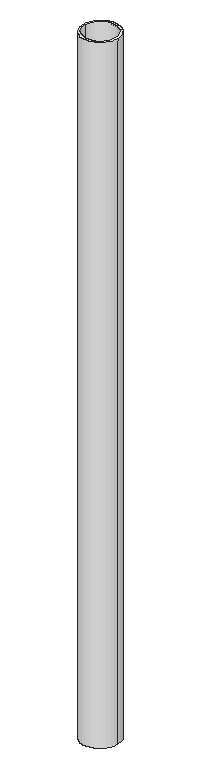
Revit family
Parameters (values of type "HSS141X8")
  Column Material [instance] = Metal - Steel - 345 MPa
  Assembly Code = ""
  A = 0.003 m²
  W = 0.25595
  OD = 141.3 mm
  t = 8 mm
Reference planes
  plane 1 "Center (Front/Back)": y = 0
  plane 2: z = 0
  plane 3 "Center (Left/Right)": x = 0
  plane 4: x = -70.65
  plane 5: x = 70.65
  plane 6: y = 70.65
  plane 7: y = -70.65
  plane 8: x = -62.65
  plane 9: x = 62.65
Forms (mm)
  Extrusion 1, solid, material "Metal - Steel - 345 MPa" <- "Column Material", detail levels medium+fine
    sketch origin (0, 0, 0) x (1, 0, 0) y (0, 1, 0)
      loop
        circle (0, 0) r 70.65
      loop
        circle (0, 0) r 62.65
    from 0 to 2500
Lines and regions (mm)
  symbolic lines, style "StructuralColumnStickSymbols", detail levels coarse
    curve 1: arc (-70.65, 0, 0) -> (0, -70.65, 0) -> (70.65, 0, 0) r 70.65
    curve 2: arc (70.65, 0, 0) -> (0, 70.65, 0) -> (-70.65, 0, 0) r 70.65
Dimensions and locks
  equal spacing: plane 4, plane 3 "Center (Left/Right)", plane 5
  equal spacing: plane 7, plane 1 "Center (Front/Back)", plane 6
  "OD": plane 7 to plane 6
  "OD": plane 4 to plane 5
  "t": plane 4 to plane 8
  "t": plane 9 to plane 5
  aligned and locked: level to Extrusion 1
  aligned and locked: level to plane 2
  aligned and locked: Extrusion 1 to plane 2
  aligned and locked: curve 1 to Extrusion 1
Automatic sketch dimensions
  Extrusion 1 sketch curve to plane 1 "Center (Front/Back)" = 0 mm  (x2)
  Extrusion 1 sketch curve to plane 4 = 0 mm
  Extrusion 1 sketch curve to plane 8 = 0 mm
  Extrusion 1 sketch curve to plane 3 "Center (Left/Right)" = 0 mm  (x2)
